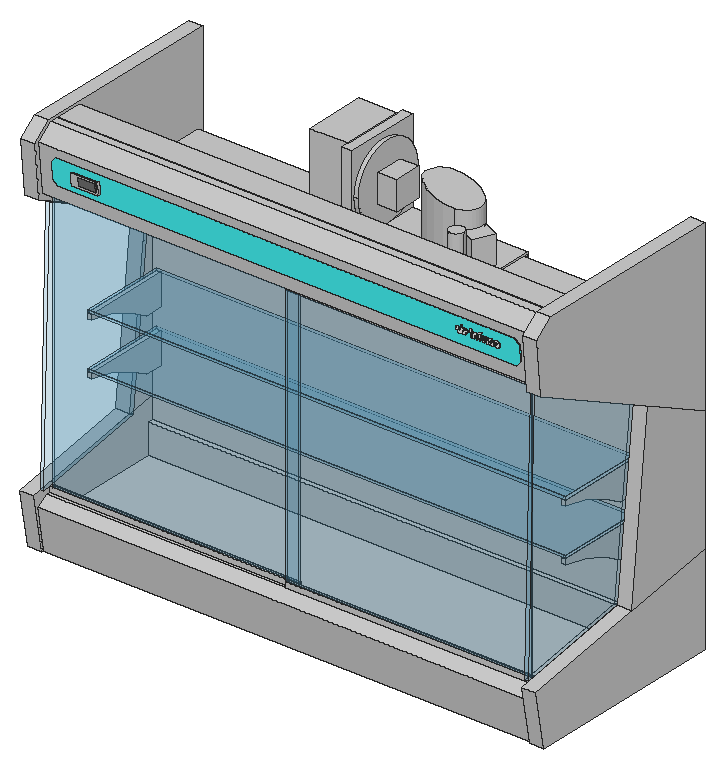
Revit family "QF_INFRICO_VMS1500I_250815033007", category Specialty Equipment, Revit 2021
Family settings
  Round Connector Dimension = Use Diameter
  Part Type = Normal
  OmniClass Number = 23.40.40.14
  OmniClass Title = Food Service Equipment
  Work Plane-Based = No
  Always vertical = Yes
  Cut with Voids When Loaded = No
  Shared = No
  Room Calculation Point = No
Parameters (values of type "VMS1500I")
  Weight [instance] = 127.999 kg
  Warranty Start Date [instance] = ""
  Warranty Duration [instance] = ""
  Volts [instance] = 230 V
  Volt Free Conn [instance] = no
  URL Recommended Spares List [instance] = ""
  URL Manufacturer [instance] = ""
  URL Cutsheet [instance] = ""
  URL Critical Spares List [instance] = ""
  URL = "www.infrico.com"
  Technical Documentation [instance] = ""
  Tag Number [instance] = ""
  Status [instance] = ""
  Start Up Current [instance] = 0 A
  Specification by User [instance] = ""
  Specification by Manufacturer [instance] = ""
  Sound Level [instance] = ""
  Show Logo [instance] = yes
  Show Clearances [instance] = yes
  Service Life Duration [instance] = ""
  Serial Number [instance] = ""
  Seismic Rating [instance] = ""
  SMACNA No [instance] = ""
  Revision Code [instance] = ""
  Revision [instance] = ""
  Production Year [instance] = ""
  Potential Equalisation [instance] = no
  Point Load [instance] = 0
  Phase [instance] = 1
  Other Equipment Approvals [instance] = ""
  Operational Current [instance] = 0 A
  Number of Poles [instance] = 2
  No Load Power Draw [instance] = no
  NAFEM Spec ID Number [instance] = ""
  Model Warning [instance] = ""
  Model = "VMS1500I"
  Min Ckt Ampacity [instance] = 0 A
  Max Overcurrent Protection [instance] = 0 A
  Masterspec [instance] = ""
  Manufacturer = "INFRICO"
  Main switch integrated [instance] = no
  Length Actual [instance] = 1475.994 mm
  Item Number [instance] = ""
  Installed By [instance] = ""
  Installation Date [instance] = ""
  Identify Quantity as Lot [instance] = no
  ID [instance] = ""
  Hygiene Approval [instance] = ""
  Height Actual [instance] = 1109.98 mm
  HP power [instance] = ""
  Furnished By [instance] = ""
  Foodservice Equipment Identifier [instance] = no
  FL Amps [instance] = 0 A
  Electrical Remarks [instance] = ""
  Electric power [instance] = 540 W
  Electric Connection Type [instance] = ""
  Elec Conn RI Height [instance] = 0 mm
  Elec Conn Connection Height [instance] = 0 mm
  ETL Approved [instance] = no
  Description = "WALL DISPLAY CASES - VMS SERIES - R134A"
  Depth Actual [instance] = 601.98 mm
  Default Elevation = 0 mm
  Cycle [instance] = 50 Hz
  Cost = 0
  Connection to energy optimisation system [instance] = yes
  Conn Plug [instance] = ""
  Conn Conduit [instance] = no
  Centralized building control system with digital interface [instance] = ""
  CSI MasterFormat [instance] = ""
  CE Approved [instance] = no
  Barcode [instance] = 0
  Author [instance] = ""
  Asset Identifier [instance] = ""
  Apparent Power [instance] = 540 VA
  Accessory [instance] = no
Reference planes
  plane 1 "Center (Front/Back)": y = 0
  plane 2: z = 0
  plane 3 "Center (Left/Right)": x = 0
Forms (mm)
  Extrusion 1, solid, not visible
    sketch origin (1386.068, -46.002, 68.003) x (1, 0, 0) y (0, 1, 0)
      loop
        line (-2, 2) -> (-2, -2) -> (2, -2) -> (2, 2) -> (-2, 2)
    from -2 to 2
Dimensions and locks
  locked: nested 2 to Extrusion 1 at 2  (x2)
  aligned and locked: level to plane 2
Nested families
  nested 1: "QF_INFRICO_VMS1500I_2920" at (0, 0, 0), type "VMS1500I"
    with Weight 127.999 kg, Warranty Start Date "", Warranty Duration "", URL Cutsheet "", Technical Documentation "", Tag Number "", Status "", Specification by User "", Specification by Manufacturer "", Sound Level "", Solid Fuel Type "", Show Logo yes, Show Clearances yes, Show Clearance yes, Service Life Duration "", Serial Number "", Seismic Rating "", SMACNA No "", Revision Code "", Revision "", Production Year "", Point Load 0, Other Equipment Approvals "", NAFEM Spec ID Number "", Model Warning "", Masterspec "", Length Actual 1475.994 mm, Item Number "", Installed By "", Installation Date "", Identify Quantity as Lot yes, ID "", Hygiene Approval "", Height Actual 1109.98 mm, Furnished By "", Foodservice Equipment Identifier yes, ETL Approved yes, Depth Actual 601.98 mm, CSI MasterFormat "", CE Approved no, Barcode "", Author "", Asset Identifier "", Accessory no
  nested 2: "CONN_POINT_ELE_2D___Generic_Annotation" at (1386.068, -46.002, 66.003), type "CONN_POINT_ELE_2D___Generic_Annotation"
    with Onboard connection annotation symbol visibility yes
Connectors
  electrical at (1386.068, -46.002, 66.003), driven by "Apparent Power", driven by "Number of Poles", driven by "Volts"
    settings: on Extrusion 1, index 1, voltage 230 V, apparent load 0 VA, apparent load phase1 540 VA, apparent load phase2 0 VA, apparent load phase3 0 VA, power factor 1, load classification "Other", number of poles 2, system type 31, power factor state 1, is connector primary yes, connector utility no, sub classification motor no, connector description "Electrical connection for VMS1500I"
Definition of nested family "QF_INFRICO_VMS1500I_2920"
  Parameters (values of type "VMS1500I")
    Weight [instance] = 0.00 kg
    Warranty Start Date [instance] = ""
    Warranty Duration [instance] = ""
    URL Cutsheet [instance] = ""
    URL = "www.jestic.co.uk"
    Technical Documentation [instance] = ""
    Tag Number [instance] = ""
    Status [instance] = ""
    Specification by User [instance] = ""
    Specification by Manufacturer [instance] = ""
    Sound Level [instance] = ""
    Solid Fuel Type [instance] = ""
    Show Logo [instance] = yes
    Show Clearances [instance] = yes
    Show Clearance [instance] = yes
    Service Life Duration [instance] = ""
    Serial Number [instance] = ""
    Seismic Rating [instance] = ""
    SMACNA No [instance] = ""
    Revision Code [instance] = ""
    Revision [instance] = ""
    Production Year [instance] = ""
    Point Load [instance] = 0
    Other Equipment Approvals [instance] = ""
    NAFEM Spec ID Number [instance] = ""
    Model Warning [instance] = ""
    Model = "VMS1500I"
    Masterspec [instance] = ""
    Manufacturer = "INFRICO"
    Length Actual [instance] = 0 mm
    Item Number [instance] = ""
    Installed By [instance] = ""
    Installation Date [instance] = ""
    Identify Quantity as Lot [instance] = yes
    ID [instance] = ""
    Hygiene Approval [instance] = ""
    Height Actual [instance] = 0 mm
    Furnished By [instance] = ""
    Foodservice Equipment Identifier [instance] = yes
    ETL Approved [instance] = yes
    Description = "WALL DISPLAY CASES - VMS SERIES - R134A"
    Depth Actual [instance] = 0 mm
    Default Elevation = 0 mm
    CSI MasterFormat [instance] = ""
    CE Approved [instance] = yes
    Barcode [instance] = ""
    Author [instance] = ""
    Asset Identifier [instance] = ""
    Assembly Code = "E1090320"
    Accessory [instance] = yes
  Reference planes
    plane 1 "Back": y = 0
    plane 2: z = 0
    plane 3 "Left": x = 0
    plane 4 "Right": x = 1476
    plane 5 "Front": y = -601.968
    plane 6 "Top": z = 1110
  Forms (mm)
    Extrusion 1, solid
      sketch origin (0, 0, 0) x (0, 1, 0) y (0, 0, 1)
        loop
          line (0, 1110) -> (-550, 1110) -> (-600, 1070) -> (-585, 920) -> (0, 628) -> (0, 1110)
      from 0 to 40
    Extrusion 2, solid
      sketch origin (0, 0, 0) x (0, 1, 0) y (0, 0, 1)
        loop
          line (-203, 729.326) -> (-258.935, 229.911) -> (0, 275.331) -> (0, 628) -> (-203, 729.326)
      from 0 to 40
    Extrusion 3, solid
      sketch origin (1436, 0, 0) x (0, 1, 0) y (0, 0, 1)
        loop
          line (0, 1110) -> (-550, 1110) -> (-600, 1070) -> (-585, 920) -> (0, 628) -> (0, 1110)
      from 0 to 40
    Extrusion 4, solid
      sketch origin (1436, 0, 0) x (0, 1, 0) y (0, 0, 1)
        loop
          line (-203, 729.326) -> (-258.935, 229.911) -> (0, 275.331) -> (0, 628) -> (-203, 729.326)
      from 0 to 40
    Extrusion 5, solid
      sketch origin (0, 0.742, 0) x (0, 1, 0) y (0, 0, 1)
        loop
          line (-538.742, 16) -> (-538.742, 156) -> (-558.742, 156) -> (-591.695, 136.598) -> (-570.742, 16) -> (-538.742, 16)
      from 40 to 1436
    Revolve 6, solid
      sketch origin (60, -117, 0) x (0, 1, 0) y (0, 0, 1)
        loop
          line (0, 0) -> (20, 0)
          arc (20, 0) -> (23.536, 1.464) -> (25, 5) r 5
          line (25, 5) -> (25, 10) -> (15, 10) -> (15, 15) -> (7, 15) -> (7, 16) -> (0, 16) -> (0, 0)
        axis (0, 0) -> (0, 16)
      angle from 0 to 360
    Revolve 7, solid
      sketch origin (60, -477, 0) x (0, 1, 0) y (0, 0, 1)
        loop
          line (0, 0) -> (20, 0)
          arc (20, 0) -> (23.536, 1.464) -> (25, 5) r 5
          line (25, 5) -> (25, 10) -> (15, 10) -> (15, 15) -> (7, 15) -> (7, 16) -> (0, 16) -> (0, 0)
        axis (0, 0) -> (0, 16)
      angle from 0 to 360
    Revolve 8, solid
      sketch origin (1423, -117, 0) x (0, 1, 0) y (0, 0, 1)
        loop
          line (0, 0) -> (20, 0)
          arc (20, 0) -> (23.536, 1.464) -> (25, 5) r 5
          line (25, 5) -> (25, 10) -> (15, 10) -> (15, 15) -> (7, 15) -> (7, 16) -> (0, 16) -> (0, 0)
        axis (0, 0) -> (0, 16)
      angle from 0 to 360
    Revolve 9, solid
      sketch origin (1423, -477, 0) x (0, 1, 0) y (0, 0, 1)
        loop
          line (0, 0) -> (20, 0)
          arc (20, 0) -> (23.536, 1.464) -> (25, 5) r 5
          line (25, 5) -> (25, 10) -> (15, 10) -> (15, 15) -> (7, 15) -> (7, 16) -> (0, 16) -> (0, 0)
        axis (0, 0) -> (0, 16)
      angle from 0 to 360
    Extrusion 10, solid
      sketch origin (480, -40, 0) x (1, 0, 0) y (0, 0, 1)
        loop
          line (932.5, 16) -> (953.5, 16)
          arc (953.5, 16) -> (955.268, 16.732) -> (956, 18.5) r 2.5
          line (956, 18.5) -> (956, 63.5)
          arc (956, 63.5) -> (955.268, 65.268) -> (953.5, 66) r 2.5
          line (953.5, 66) -> (932.5, 66)
          arc (932.5, 66) -> (930.732, 65.268) -> (930, 63.5) r 2.5
          line (930, 63.5) -> (930, 18.5)
          arc (930, 18.5) -> (930.732, 16.732) -> (932.5, 16) r 2.5
      from 0 to 500
    Extrusion 11, solid
      sketch origin (-883, -40, 0) x (1, 0, 0) y (0, 0, 1)
        loop
          line (932.5, 16) -> (953.5, 16)
          arc (953.5, 16) -> (955.268, 16.732) -> (956, 18.5) r 2.5
          line (956, 18.5) -> (956, 63.5)
          arc (956, 63.5) -> (955.268, 65.268) -> (953.5, 66) r 2.5
          line (953.5, 66) -> (932.5, 66)
          arc (932.5, 66) -> (930.732, 65.268) -> (930, 63.5) r 2.5
          line (930, 63.5) -> (930, 18.5)
          arc (930, 18.5) -> (930.732, 16.732) -> (932.5, 16) r 2.5
      from 0 to 500
    Extrusion 12, solid
      sketch origin (0, 0, 0) x (0, 1, 0) y (0, 0, 1)
        loop
          line (0, 275.331) -> (-601.968, 169.737) -> (-575, 16) -> (0, 16) -> (0, 275.331)
      from 0 to 40
    Extrusion 13, solid
      sketch origin (0, 0, 0) x (0, 1, 0) y (0, 0, 1)
        loop
          line (-40, 66) -> (-40, 106) -> (-138, 106) -> (-138, 66) -> (-40, 66)
      from 47 to 1297
    Extrusion 14, solid
      sketch origin (46, 0, 0) x (0, 1, 0) y (0, 0, 1)
        loop
          line (-540, 66) -> (-165, 66) -> (-165, 152) -> (-18, 152) -> (-18, 855) -> (-219, 855) -> (-441, 1029) -> (-520, 1029) -> (-520, 999) -> (-451.356, 999) -> (-229.356, 825) -> (-48, 825) -> (-48, 182) -> (-195, 182) -> (-195, 96) -> (-540, 96) -> (-540, 66)
      from -6 to 1390
    Extrusion 15, solid
      sketch origin (40, 0, 0) x (0, 1, 0) y (0, 0, 1)
        loop
          line (-203, 729.326) -> (-558, 906.523) -> (-579.202, 173.731) -> (-258.935, 229.911) -> (-203, 729.326)
      from 0 to 10
    Extrusion 16, solid
      sketch origin (1426, 0, 0) x (0, 1, 0) y (0, 0, 1)
        loop
          line (-203, 729.326) -> (-558, 906.523) -> (-579.202, 173.731) -> (-258.935, 229.911) -> (-203, 729.326)
      from 0 to 10
    Extrusion 17, solid
      sketch origin (0, 114.841, 59.047) x (0, 1, 0) y (0, 0, 1)
        loop
          line (-655.841, 875.953) -> (-655.841, 872.953) -> (-654.841, 872.953) -> (-654.841, 868.953) -> (-660.841, 868.953) -> (-660.841, 872.953) -> (-659.841, 872.953) -> (-659.841, 875.953) -> (-662.841, 875.953) -> (-662.841, 859.953) -> (-660.841, 859.953) -> (-660.841, 865.953) -> (-654.841, 865.953) -> (-654.841, 859.953) -> (-652.841, 859.953) -> (-652.841, 875.953) -> (-655.841, 875.953)
      from 40 to 752
    Extrusion 18, solid
      sketch origin (1176, 104.841, 59.047) x (0, 1, 0) y (0, 0, 1)
        loop
          line (-655.841, 875.953) -> (-655.841, 872.953) -> (-654.841, 872.953) -> (-654.841, 868.953) -> (-660.841, 868.953) -> (-660.841, 872.953) -> (-659.841, 872.953) -> (-659.841, 875.953) -> (-662.841, 875.953) -> (-662.841, 859.953) -> (-660.841, 859.953) -> (-660.841, 865.953) -> (-654.841, 865.953) -> (-654.841, 859.953) -> (-652.841, 859.953) -> (-652.841, 875.953) -> (-655.841, 875.953)
      from -452 to 260
    Extrusion 19, solid
      sketch origin (0, 0, 0) x (0, 1, 0) y (0, 0, 1)
        loop
          line (-540, 925) -> (-546, 925) -> (-546, 166) -> (-540, 166) -> (-540, 925)
      from 50 to 752
    Extrusion 20, solid
      sketch origin (919, -10, 0) x (0, 1, 0) y (0, 0, 1)
        loop
          line (-540, 925) -> (-546, 925) -> (-546, 166) -> (-540, 166) -> (-540, 925)
      from -195 to 507
    Extrusion 21, solid
      sketch origin (929, -1210.841, 1031.953) x (0, -1, 0) y (0, 0, -1)
        loop
          line (-655.841, 875.953) -> (-655.841, 872.953) -> (-654.841, 872.953) -> (-654.841, 868.953) -> (-660.841, 868.953) -> (-660.841, 872.953) -> (-659.841, 872.953) -> (-659.841, 875.953) -> (-662.841, 875.953) -> (-662.841, 859.953) -> (-660.841, 859.953) -> (-660.841, 865.953) -> (-654.841, 865.953) -> (-654.841, 859.953) -> (-652.841, 859.953) -> (-652.841, 875.953) -> (-655.841, 875.953)
      from -205 to 507
    Extrusion 22, solid
      sketch origin (247, -1200.841, 1031.953) x (0, -1, 0) y (0, 0, -1)
        loop
          line (-655.841, 875.953) -> (-655.841, 872.953) -> (-654.841, 872.953) -> (-654.841, 868.953) -> (-660.841, 868.953) -> (-660.841, 872.953) -> (-659.841, 872.953) -> (-659.841, 875.953) -> (-662.841, 875.953) -> (-662.841, 859.953) -> (-660.841, 859.953) -> (-660.841, 865.953) -> (-654.841, 865.953) -> (-654.841, 859.953) -> (-652.841, 859.953) -> (-652.841, 875.953) -> (-655.841, 875.953)
      from -207 to 505
    Extrusion 23, solid
      sketch origin (55, 557.372, 0) x (0, 1, 0) y (0, 0, 1)
        loop
          line (-737.372, 417.222) -> (-985.327, 417.222) -> (-985.327, 402.919)
          arc (-985.327, 402.919) -> (-882.245, 375.804) -> (-787.372, 327.222) r 494.358
          line (-787.372, 327.222) -> (-737.372, 327.222) -> (-737.372, 417.222)
      from 0 to 10
    Extrusion 24, solid
      sketch origin (55, 557.372, 150) x (0, 1, 0) y (0, 0, 1)
        loop
          line (-737.372, 417.222) -> (-985.327, 417.222) -> (-985.327, 402.919)
          arc (-985.327, 402.919) -> (-882.245, 375.804) -> (-787.372, 327.222) r 494.358
          line (-787.372, 327.222) -> (-737.372, 327.222) -> (-737.372, 417.222)
      from 0 to 10
    Extrusion 25, solid
      sketch origin (1411, 557.372, 0) x (0, 1, 0) y (0, 0, 1)
        loop
          line (-737.372, 417.222) -> (-985.327, 417.222) -> (-985.327, 402.919)
          arc (-985.327, 402.919) -> (-882.245, 375.804) -> (-787.372, 327.222) r 494.358
          line (-787.372, 327.222) -> (-737.372, 327.222) -> (-737.372, 417.222)
      from 0 to 10
    Extrusion 26, solid
      sketch origin (1411, 557.372, 150) x (0, 1, 0) y (0, 0, 1)
        loop
          line (-737.372, 417.222) -> (-985.327, 417.222) -> (-985.327, 402.919)
          arc (-985.327, 402.919) -> (-882.245, 375.804) -> (-787.372, 327.222) r 494.358
          line (-787.372, 327.222) -> (-737.372, 327.222) -> (-737.372, 417.222)
      from 0 to 10
    Extrusion 27, solid
      sketch origin (55, -132, 0) x (0, 1, 0) y (0, 0, 1)
        loop
          line (-48, 567.222) -> (-48, 575.222) -> (-295.955, 575.222) -> (-295.955, 567.222) -> (-48, 567.222)
      from 0 to 1366
    Extrusion 28, solid
      sketch origin (55, -132, -150) x (0, 1, 0) y (0, 0, 1)
        loop
          line (-48, 567.222) -> (-48, 575.222) -> (-295.955, 575.222) -> (-295.955, 567.222) -> (-48, 567.222)
      from 0 to 1366
    Extrusion 29, solid
      sketch origin (0, 0, 0) x (0, 1, 0) y (0, 0, 1)
        loop
          line (-180, 182) -> (-178, 182) -> (-178, 825) -> (-180, 825) -> (-180, 182)
      from 40 to 1436
    Extrusion 30, solid
      sketch origin (0, 0, 0) x (0, 1, 0) y (0, 0, 1)
        loop
          line (-520, 935) -> (-520, 1105) -> (-545.243, 1105) -> (-587.703, 1071.032) -> (-574.1, 935) -> (-520, 935)
      from 40 to 1436
    Extrusion 31, solid
      sketch origin (0, -465.314, -133.769) x (1, 0, 0) y (0, -0.099504, 0.995037)
        loop
          line (90, 1110) -> (1400, 1110) -> (1415, 1125) -> (1415, 1171) -> (1400, 1186) -> (90, 1186) -> (75, 1171) -> (75, 1125) -> (90, 1110)
      from 0 to 2
    Extrusion 32, solid
      sketch origin (104.025, -465.026, -156.747) x (1, 0, 0) y (0, -0.099504, 0.995037)
        loop
          arc (30.975, 1153.387) -> (68.475, 1152.387) -> (105.975, 1153.387) r 703.625
          arc (105.975, 1153.387) -> (107.975, 1170.887) -> (105.975, 1188.387) r 77.562
          arc (105.975, 1188.387) -> (68.475, 1189.387) -> (30.975, 1188.387) r 703.625
          arc (30.975, 1188.387) -> (28.968, 1170.887) -> (30.975, 1153.387) r 77.292
      from 0 to 5
    Extrusion 33, solid
      sketch origin (36.028, -1586.386, 857) x (1, 0, 0) y (0, 1, 0)
        loop
          arc (734.569, 1457.404) -> (800.783, 1406.315) -> (882.589, 1388.933) r 188.336
          arc (882.589, 1388.933) -> (920.923, 1414.029) -> (914.569, 1459.404) r 42.779
          arc (914.569, 1459.404) -> (848.552, 1509.581) -> (767.569, 1527.404) r 192.89
          arc (767.569, 1527.404) -> (728.875, 1502.867) -> (734.569, 1457.404) r 42.779
      from 0 to 180
    Extrusion 34, solid
      sketch origin (0, 0, 0) x (0, 1, 0) y (0, 0, 1)
        loop
          line (-520, 1105) -> (-520, 1103) -> (-443, 1103) -> (-443, 1029) -> (-441, 1029) -> (-441, 1105) -> (-520, 1105)
      from 40 to 1436
    Extrusion 35, solid
      sketch origin (246.774, 0, 912) x (1, 0, 0) y (0, 1, 0)
        loop
          line (686.595, -194.601) -> (697.779, -199.676) -> (739.411, -218.569) -> (764.205, -163.931) -> (722.574, -145.039) -> (711.389, -139.963)
          arc (711.389, -139.963) -> (710.177, -172.358) -> (686.595, -194.601) r 42.779
      from 0 to 78
    Extrusion 36, solid
      sketch origin (246.774, 0, 912) x (1, 0, 0) y (0, 1, 0)
        loop
          circle (697.672, -221.587) r 20
      from 0 to 90
    Extrusion 37, solid
      sketch origin (373.421, 29.305, 857) x (1, 0, 0) y (0, 1, 0)
        loop
          line (131.558, -50.305) -> (131.558, -226.305) -> (239.558, -226.305) -> (239.558, -50.305) -> (131.558, -50.305)
      from 0 to 240
    Extrusion 38, solid
      sketch origin (373.421, 29.305, 857) x (1, 0, 0) y (0, 1, 0)
        loop
          line (239.558, -29.305) -> (239.558, -247.305) -> (269.558, -247.305) -> (269.558, -29.305) -> (239.558, -29.305)
      from 0 to 240
    Extrusion 39, solid
      sketch origin (642.979, -529.434, -522.435) x (0, 1, 0) y (0, 0, 1)
        loop
          circle (420.434, 1499.435) r 106
      from 0 to 15
    Extrusion 40, solid
      sketch origin (657.979, -109.799, -234.952) x (0, 1, 0) y (0, 0, 1)
        loop
          line (41.299, 1252.452) -> (-39.701, 1252.452) -> (-39.701, 1171.452) -> (41.299, 1171.452) -> (41.299, 1252.452)
      from 0 to 57
    Extrusion 41, solid
      sketch origin (373.421, 0, 0) x (0, 1, 0) y (0, 0, 1)
        loop
          line (-219, 855) -> (-2, 855) -> (-2, 847) -> (0, 847) -> (0, 857) -> (-219, 857) -> (-219, 855)
      from 131.558 to 597.558
    Extrusion 42, solid, visible <- "Show Logo"
      sketch origin (67.28, -509.418, 307.245) x (1, 0, 0) y (0, -0.099504, 0.995037)
        loop
          line (1208.799, 696.53) -> (1208.799, 719.204) -> (1204.173, 719.204) -> (1204.173, 696.53) -> (1208.799, 696.53)
        loop
          line (1214.779, 713.006) -> (1211.283, 713.006) -> (1211.283, 696.53) -> (1215.772, 696.53) -> (1215.772, 707.832)
          arc (1215.772, 707.832) -> (1217.528, 708.741) -> (1219.417, 709.324) r 11.052
          arc (1219.417, 709.324) -> (1220.929, 708.961) -> (1221.598, 707.557) r 1.806
          line (1221.598, 707.557) -> (1221.598, 696.53) -> (1226.121, 696.53) -> (1226.121, 708.689)
          arc (1226.121, 708.689) -> (1224.637, 712.075) -> (1221.141, 713.281) r 4.607
          arc (1221.141, 713.281) -> (1218.282, 712.674) -> (1215.669, 711.361) r 11.435
          line (1215.669, 711.361) -> (1215.601, 712.184)
          arc (1215.601, 712.184) -> (1215.36, 712.765) -> (1214.779, 713.006) r 0.822
        loop
          line (1238.557, 720.102) -> (1237.306, 720.102)
          arc (1237.306, 720.102) -> (1235.052, 719.926) -> (1232.881, 719.297) r 11.103
          arc (1232.881, 719.297) -> (1230.805, 717.616) -> (1230.024, 715.062) r 4.567
          line (1230.024, 715.062) -> (1230.024, 712.909) -> (1227.351, 712.703) -> (1227.351, 709.374) -> (1230.024, 709.374) -> (1230.024, 696.53) -> (1234.547, 696.53) -> (1234.547, 709.374) -> (1238.249, 709.374) -> (1238.249, 712.938) -> (1234.547, 712.938) -> (1234.547, 714.548)
          arc (1234.547, 714.548) -> (1234.956, 715.705) -> (1236.045, 716.271) r 1.67
          line (1236.045, 716.271) -> (1237.7, 716.399)
          arc (1237.7, 716.399) -> (1238.306, 716.65) -> (1238.557, 717.255) r 0.857
          line (1238.557, 717.255) -> (1238.557, 720.102)
        loop
          line (1239.479, 713.006) -> (1239.479, 696.53) -> (1243.968, 696.53) -> (1243.968, 707.352)
          arc (1243.968, 707.352) -> (1245.873, 708.631) -> (1248.077, 709.268) r 7.435
          line (1248.077, 709.268) -> (1249.241, 709.416)
          arc (1249.241, 709.416) -> (1249.643, 709.758) -> (1249.793, 710.265) r 0.928
          line (1249.793, 710.265) -> (1249.793, 712.458)
          arc (1249.793, 712.458) -> (1249.531, 713.061) -> (1248.912, 713.28) r 0.824
          arc (1248.912, 713.28) -> (1246.197, 712.588) -> (1243.899, 710.984) r 7.833
          line (1243.899, 710.984) -> (1243.726, 713.006) -> (1239.479, 713.006)
        loop
          line (1255.495, 696.53) -> (1255.495, 713.006) -> (1251.006, 713.006) -> (1251.006, 696.53) -> (1255.495, 696.53)
        loop
          arc (1257.421, 701.327) -> (1258.567, 698.188) -> (1261.466, 696.525) r 4.873
          arc (1261.466, 696.525) -> (1264.493, 696.266) -> (1267.521, 696.525) r 17.816
          arc (1267.521, 696.525) -> (1270.575, 699.134) -> (1271.505, 703.041) r 6.481
          line (1271.505, 703.041) -> (1267.187, 703.041) -> (1267.187, 701.67)
          arc (1267.187, 701.67) -> (1266.64, 700.452) -> (1265.442, 699.865) r 1.965
          arc (1265.442, 699.865) -> (1264.547, 699.816) -> (1263.653, 699.865) r 8.196
          arc (1263.653, 699.865) -> (1262.417, 700.415) -> (1261.91, 701.67) r 1.806
          line (1261.91, 701.67) -> (1261.91, 707.9)
          arc (1261.91, 707.9) -> (1262.417, 709.155) -> (1263.653, 709.705) r 1.806
          arc (1263.653, 709.705) -> (1264.547, 709.754) -> (1265.442, 709.705) r 8.196
          arc (1265.442, 709.705) -> (1266.64, 709.118) -> (1267.187, 707.9) r 1.965
          line (1267.187, 707.9) -> (1267.187, 706.838) -> (1271.505, 706.838)
          arc (1271.505, 706.838) -> (1270.524, 710.556) -> (1267.521, 712.959) r 6.132
          arc (1267.521, 712.959) -> (1264.493, 713.294) -> (1261.466, 712.959) r 13.851
          arc (1261.466, 712.959) -> (1258.571, 711.349) -> (1257.421, 708.243) r 4.772
          line (1257.421, 708.243) -> (1257.421, 701.327)
        loop
          arc (1272.916, 701.329) -> (1273.993, 698.345) -> (1276.726, 696.734) r 4.676
          arc (1276.726, 696.734) -> (1278.515, 696.455) -> (1280.318, 696.291) r 28.371
          arc (1280.318, 696.291) -> (1282.122, 696.455) -> (1283.911, 696.734) r 28.371
          arc (1283.911, 696.734) -> (1286.644, 698.345) -> (1287.72, 701.329) r 4.676
          line (1287.72, 701.329) -> (1287.72, 708.242)
          arc (1287.72, 708.242) -> (1286.644, 711.226) -> (1283.911, 712.837) r 4.676
          arc (1283.911, 712.837) -> (1282.122, 713.116) -> (1280.318, 713.28) r 28.371
          arc (1280.318, 713.28) -> (1278.515, 713.116) -> (1276.726, 712.837) r 28.371
          arc (1276.726, 712.837) -> (1273.993, 711.226) -> (1272.916, 708.242) r 4.676
          line (1272.916, 708.242) -> (1272.916, 701.329)
        loop
          line (1277.405, 707.866) -> (1277.405, 701.705)
          arc (1277.405, 701.705) -> (1277.844, 700.556) -> (1278.936, 699.991) r 1.725
          arc (1278.936, 699.991) -> (1279.627, 699.918) -> (1280.318, 699.856) r 46.133
          arc (1280.318, 699.856) -> (1281.01, 699.918) -> (1281.701, 699.991) r 46.133
          arc (1281.701, 699.991) -> (1282.793, 700.556) -> (1283.231, 701.705) r 1.725
          line (1283.231, 701.705) -> (1283.231, 707.866)
          arc (1283.231, 707.866) -> (1282.793, 709.015) -> (1281.701, 709.58) r 1.725
          arc (1281.701, 709.58) -> (1281.01, 709.653) -> (1280.318, 709.716) r 46.133
          arc (1280.318, 709.716) -> (1279.627, 709.653) -> (1278.936, 709.58) r 46.133
          arc (1278.936, 709.58) -> (1277.844, 709.015) -> (1277.405, 707.866) r 1.725
        loop
          arc (1190.339, 696.543) -> (1191.411, 696.987) -> (1191.856, 698.059) r 1.516
          line (1191.856, 698.059) -> (1191.856, 703.891) -> (1196.035, 703.891)
          arc (1196.035, 703.891) -> (1196.79, 704.121) -> (1197.218, 704.782) r 1.147
          line (1197.218, 704.782) -> (1197.218, 706.211)
          arc (1197.218, 706.211) -> (1196.787, 707.258) -> (1195.719, 707.634) r 1.385
          line (1195.719, 707.634) -> (1194.52, 707.634) -> (1197.218, 710.332)
          arc (1197.218, 710.332) -> (1197.605, 711.266) -> (1197.218, 712.2) r 1.321
          line (1197.218, 712.2) -> (1196.495, 712.923)
          arc (1196.495, 712.923) -> (1195.54, 713.338) -> (1194.558, 712.991) r 1.422
          line (1194.558, 712.991) -> (1191.853, 710.286) -> (1191.853, 711.479)
          arc (1191.853, 711.479) -> (1191.443, 712.516) -> (1190.435, 712.992) r 1.516
          line (1190.435, 712.992) -> (1189.514, 712.992)
          arc (1189.514, 712.992) -> (1188.511, 712.514) -> (1188.103, 711.479) r 1.516
          line (1188.103, 711.479) -> (1188.103, 706.83) -> (1182.073, 701.336) -> (1182.073, 707.509) -> (1185.639, 711.075)
          arc (1185.639, 711.075) -> (1186.053, 712.073) -> (1185.639, 713.071) r 1.412
          line (1185.639, 713.071) -> (1184.987, 713.723)
          arc (1184.987, 713.723) -> (1183.939, 714.141) -> (1182.915, 713.667) r 1.428
          line (1182.915, 713.667) -> (1182.073, 712.825) -> (1182.073, 717.784)
          arc (1182.073, 717.784) -> (1181.658, 718.787) -> (1180.655, 719.203) r 1.418
          line (1180.655, 719.203) -> (1179.726, 719.203)
          arc (1179.726, 719.203) -> (1178.723, 718.787) -> (1178.308, 717.784) r 1.418
          line (1178.308, 717.784) -> (1178.308, 712.825) -> (1177.466, 713.667)
          arc (1177.466, 713.667) -> (1176.442, 714.141) -> (1175.394, 713.723) r 1.428
          line (1175.394, 713.723) -> (1174.742, 713.071)
          arc (1174.742, 713.071) -> (1174.328, 712.073) -> (1174.742, 711.075) r 1.412
          line (1174.742, 711.075) -> (1178.308, 707.509) -> (1178.308, 701.336) -> (1172.278, 706.83) -> (1172.278, 711.479)
          arc (1172.278, 711.479) -> (1171.87, 712.514) -> (1170.867, 712.992) r 1.516
          line (1170.867, 712.992) -> (1169.946, 712.992)
          arc (1169.946, 712.992) -> (1168.938, 712.516) -> (1168.528, 711.479) r 1.516
          line (1168.528, 711.479) -> (1168.528, 710.286) -> (1165.823, 712.991)
          arc (1165.823, 712.991) -> (1164.841, 713.338) -> (1163.886, 712.923) r 1.422
          line (1163.886, 712.923) -> (1163.163, 712.2)
          arc (1163.163, 712.2) -> (1162.776, 711.266) -> (1163.163, 710.332) r 1.321
          line (1163.163, 710.332) -> (1165.861, 707.634) -> (1164.662, 707.634)
          arc (1164.662, 707.634) -> (1163.594, 707.258) -> (1163.163, 706.211) r 1.385
          line (1163.163, 706.211) -> (1163.163, 704.782)
          arc (1163.163, 704.782) -> (1163.591, 704.121) -> (1164.346, 703.891) r 1.147
          line (1164.346, 703.891) -> (1168.525, 703.891) -> (1168.525, 698.059)
          arc (1168.525, 698.059) -> (1168.969, 696.987) -> (1170.042, 696.543) r 1.516
          line (1170.042, 696.543) -> (1190.339, 696.543)
      from 0 to 2
    Extrusion 43, solid
      sketch origin (1436, 0, 0) x (0, 1, 0) y (0, 0, 1)
        loop
          line (0, 275.331) -> (-601.968, 169.737) -> (-575, 16) -> (0, 16) -> (0, 275.331)
      from 0 to 40
    Extrusion 44, solid
      sketch origin (-1058.751, -523.169, 393.53) x (1, 0, 0) y (0, -0.099504, 0.995037)
        loop
          line (1212.261, 629.555) -> (1212.261, 605.555) -> (1262.261, 605.555) -> (1262.261, 629.555) -> (1212.261, 629.555)
      from 0 to 2
  Lines and regions (mm)
    symbolic lines
      curve 1: line (0, 0, 0) -> (40, 0, 0)
      curve 2: line (40, 0, 0) -> (40, -18, 0)
      curve 3: line (40, -18, 0) -> (504.979, -18, 0)
      curve 4: line (504.979, -18, 0) -> (504.979, 0, 0)
      curve 5: line (504.979, 0, 0) -> (970.979, 0, 0)
      curve 6: line (970.979, 0, 0) -> (970.979, -18, 0)
      curve 7: line (970.979, -18, 0) -> (1436, -18, 0)
      curve 8: line (1436, -18, 0) -> (1436, 0, 0)
      curve 9: line (1436, 0, 0) -> (1476, 0, 0)
      curve 10: line (1476, 0, 0) -> (1476, -601.968, 0)
      curve 11: line (1476, -601.968, 0) -> (1436, -601.968, 0)
      curve 12: line (1436, -601.968, 0) -> (1436, -590.953, 0)
      curve 13: line (1436, -590.953, 0) -> (40, -590.953, 0)
      curve 14: line (40, -590.953, 0) -> (40, -601.968, 0)
      curve 15: line (40, -601.968, 0) -> (0, -601.968, 0)
      curve 16: line (0, -601.968, 0) -> (0, 0, 0)
      curve 17: arc (770.597, -128.982, 0) -> (836.811, -180.071, 0) -> (918.617, -197.454, 0) r 188.336
      curve 18: arc (803.597, -58.982, 0) -> (764.903, -83.519, 0) -> (770.597, -128.982, 0) r 42.779
      curve 19: arc (950.597, -126.982, 0) -> (884.58, -76.805, 0) -> (803.597, -58.982, 0) r 192.89
      curve 20: arc (918.617, -197.454, 0) -> (956.951, -172.358, 0) -> (950.597, -126.982, 0) r 42.779
      curve 21: circle (944.447, -221.587, 0) r 20 normal (0, 0, 1)
      curve 22: line (986.185, -218.569, 0) -> (1010.979, -163.931, 0)
      curve 23: line (933.369, -194.601, 0) -> (986.185, -218.569, 0)
      curve 24: line (1010.979, -163.931, 0) -> (958.163, -139.963, 0)
      curve 25: line (970.979, -145.779, 0) -> (970.979, -18, 0)
      curve 26: line (504.979, -21, 0) -> (504.979, -219, 0)
      curve 27: line (40, -219, 0) -> (924.615, -219, 0)
      curve 28: line (964.279, -219, 0) -> (1436, -219, 0)
      curve 29: line (714.979, -149.5, 0) -> (714.979, -68.5, 0)
      curve 30: line (657.979, -149.5, 0) -> (714.979, -149.5, 0)
      curve 31: line (714.979, -68.5, 0) -> (657.979, -68.5, 0)
      curve 32: line (657.979, -219, 0) -> (657.979, 0, 0)
      curve 33: line (612.979, 0, 0) -> (612.979, -219, 0)
      curve 34: line (612.979, -21, 0) -> (504.979, -21, 0)
      curve 35: line (504.979, -197, 0) -> (612.979, -197, 0)
      curve 36: line (1436, -441, 0) -> (40, -441, 0)
      curve 37: line (40, -520, 0) -> (1436, -520, 0)
      curve 38: line (1436, -545, 0) -> (40, -545, 0)
      curve 39: line (40, -590.953, 0) -> (40, -18, 0)
      curve 40: line (1436, -18, 0) -> (1436, -590.953, 0)
  Dimensions and locks
    plane 1 "Back" to plane 5 "Front" = 601.968 mm  (x2)
    plane 3 "Left" to plane 4 "Right" = 1476 mm
    plane 6 "Top" to level = 1110 mm  (x2)
    plane 4 "Right" to plane 3 "Left" = 1476 mm
    aligned and locked: level to plane 2
Definition of nested family "CONN_POINT_ELE_2D___Generic_Annotation"
  Parameters (values of type "CONN_POINT_ELE_2D___Generic_Annotation")
    Onboard connection annotation symbol visibility [instance] = yes
  Reference planes
    plane 1: y = 0
    plane 2: x = 0
  Lines and regions (mm)
    detail lines, visible <- "Onboard connection annotation symbol visibility"
      curve 1: circle (0, 0, 0) r 0.5 normal (0, 0, 1)
      curve 2: line (-1, 0, 0) -> (1, 0, 0)
      curve 3: line (0, 1, 0) -> (0, -1, 0)
      curve 4: line (2.5, 1, 0) -> (1.25, 1, 0)
      curve 5: line (1.25, 1, 0) -> (1.25, -1, 0)
      curve 6: line (1.25, -1, 0) -> (2.5, -1, 0)
      curve 7: line (1.25, 0, 0) -> (2, 0, 0)
